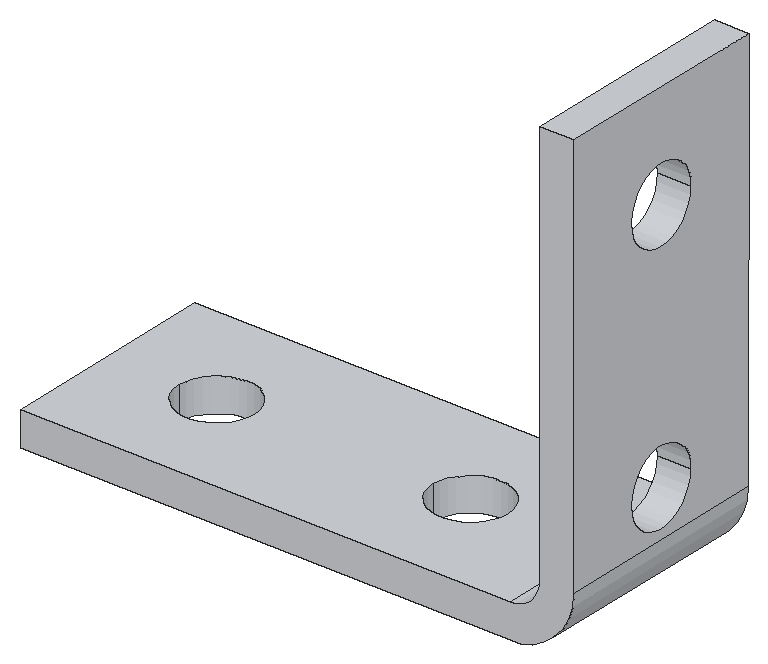
Revit family "Fitting-Ninety_Degree_Angle-Unistrut-P1325", category Specialty Equipment, Revit 2012
Parameters
  ecoScorecard_data = "http://products.ecoscorecard.com/atkore/P1325"
  ecoScorecard Product Page = "http://products.ecoscorecard.com/atkore/P1325?action=html"
  Weight Per Piece = 0.78 lbf
  Unit = none
  Unistrut Part Number = "P1325"  # constant formula
  URL = "http://unistrut.us/index.php"
  Thickness = 0' - 0 1/4"
  Subcategory = "Nintey Degree Angle Fittings"
  Product Page URL = "http://unistrut.us/index.php?WP=cat_detail&S=S05&P=P1325"
  Power Strut Part Number = "PS 607"  # constant formula
  Part Type = "Fitting"  # constant formula
  Overall Width = 0' - 1 5/8"
  Overall Length = 0' - 3 1/2"
  Overall Height = 0' - 4 1/8"
  Model = "P1325"
  Material = ""
  Manufacturer Phone - Toll Free = "800-882-5543"  # constant formula
  Manufacturer Phone = "708-339-1610"  # constant formula
  Manufacturer Fax = "708-339-7814"  # constant formula
  Manufacturer Email = "mailto:jshaw@atkore.com"
  Manufacturer Address = "16100 South Lathrop Avenue, Harvey, IL 60426"  # constant formula
  Manufacturer = "Unistrut by Atkore International"  # constant formula
  Load Capacity Note = "Visit the product page for load application and capacity."  # constant formula
  Literature URL = "http://unistrut.us/index.php?WP=LItLibrary"
  Hole Radius = 0' 0 9/16" / 2  # 0' - 0 9/32"
  Hole Diameter = 0' - 0 9/16"
  Default Elevation = 4' - 0"
  Cost Info = "mailto:jshaw@atkore.com"
  Category = "Specialty Equipment"  # constant formula
  CAD URL = "http://unistrut.us/index.php?WP=CAD3d"
  Assembly Code = "D5020100"
  95 CSI = "16070"  # constant formula
  04 CSI = "26 05 48"  # constant formula
Reference planes (in)
  plane 1 "Center (Front/Back)": y = 0
  plane 2: z = 0
  plane 3 "Center (Left/Right)": x = 0
  plane 4: x = -1.02553
  plane 5: x = 0.86538
  plane 6: z = 2.71301
  plane 7: z = 0.82705
Dimensions and locks (in)
  "Overall Length": nested 1 to plane 2
  "Overall Height": nested 1 to nested 1
  "Thickness": nested 1 to nested 1  (x2)
  "Overall Width": nested 1 to nested 1
  aligned and locked: level to plane 2
Nested families (in)
  nested 1: "Fitting" at (0, 0, 0), type "Fitting"
Definition of nested family "Fitting"
  Parameters (values of type "Fitting")
    ecoScorecard_data = "http://products.ecoscorecard.com/atkore/P2094"
    ecoScorecard Product Page = "http://products.ecoscorecard.com/atkore/P2094?action=html"
    Unit = none
    URL = "http://unistrut.us/index.php"
    Thickness = 0' - 0 1/4"
    Overall Width = 0' - 1 5/8"
    Overall Length = 0' - 3 1/2"
    Overall Height = 0' - 4 1/8"
    Model = "P2270"
    Material = ""
    Manufacturer = "Atkore International"  # constant formula
    Load Capacity Note = "Visit the product page for load application and capacity."  # constant formula
    Literature URL = "http://unistrut.us/index.php?WP=LItLibrary"
    Hole Radius = Hole Diameter / 2  # 0' - 0 9/32"
    Hole Diameter = 0' - 0 9/16"
    Default Elevation = 4' - 0"
    CAD URL = "http://unistrut.us/index.php?WP=CAD3d"
    Assembly Code = "D5020100"
    Angle = 85.50°
  Reference planes (in)
    plane 1 "Center (Front/Back)": y = 0
    plane 2: z = 0
    plane 3 "Center (Left/Right)": x = 0
    plane 4: z = 3.5
    plane 5: x = -1.84154
    plane 6: x = 2.28346
    plane 7: y = 0.8125
    plane 8: y = -0.8125
  Forms (in)
    Extrusion 1, solid
      sketch origin (0, 0, 0) x (1, 0, 0) y (0, 0, 1)
        loop
          line (-1.84154, 0) -> (1.88704, 0)
          arc (1.88704, 0) -> (2.16932, 0.16568) -> (2.28346, 0.47244) r 0.48809
          line (2.28346, 0.47244) -> (2.28346, 3.5) -> (2.03346, 3.5) -> (2.03346, 0.47868)
          arc (2.03346, 0.47868) -> (1.96648, 0.31698) -> (1.80478, 0.25) r 0.22868
          line (1.80478, 0.25) -> (-1.84154, 0.25) -> (-1.84154, 0)
      from -0.8125 to 0.8125
    Extrusion 2, void
      sketch origin (0, 0, 0) x (1, 0, 0) y (0, 1, 0)
        loop
          circle (-1.02553, 0) r 0.28125
        loop
          circle (0.86538, 0) r 0.28125
      from 0 to 0.25
    Extrusion 3, void
      sketch origin (0, 0, 0) x (0, 1, 0) y (0, 0, 1)
        loop
          circle (0, 2.71301) r 0.28125
        loop
          circle (0, 0.82705) r 0.28125
      from 2.03346 to 2.28346
  Cuts and joins
    Extrusion 2, Extrusion 3 cuts Extrusion 1
  Dimensions and locks (in)
    "Overall Length": plane 4 to level
    "Thickness": Extrusion 1 sketch curve to Extrusion 1 sketch curve  (x2)
    cut or joined group of Extrusion 1, Extrusion 2, Extrusion 3 to cut or joined group of Extrusion 1, Extrusion 2, Extrusion 3 = 0' - 4 1/8"
    "Overall Height": plane 5 to plane 6
    equal spacing: plane 8, plane 1 "Center (Front/Back)", plane 7
    "Overall Width": plane 7 to plane 8
    "Hole Radius": radius of Extrusion 3 sketch curve  (x2)
    "Hole Radius": radius of Extrusion 2 sketch curve  (x2)
    aligned and locked: level to plane 2
    aligned and locked: Extrusion 2 to level
    aligned and locked: Extrusion 1 to Extrusion 2
    aligned and locked: Extrusion 1 to Extrusion 3  (x2)
    aligned and locked: plane 7 to cut or joined group of Extrusion 1, Extrusion 2, Extrusion 3
    aligned and locked: plane 8 to cut or joined group of Extrusion 1, Extrusion 2, Extrusion 3
  Automatic sketch dimensions
    plane 5 to Extrusion 1 sketch curve = 0' - 0"
    Extrusion 1 sketch curve to level = 0' - 0"
    Extrusion 1 sketch curve to plane 4 = 0' - 0"
    level to Extrusion 1 sketch curve = 0' - 0.47941"
    plane 3 "Center (Left/Right)" to Extrusion 1 sketch curve = 0' - 1.79543"
    Extrusion 1 sketch curve to Extrusion 1 sketch curve = 0' - 0.00935"
    Extrusion 1 sketch curve to Extrusion 1 sketch curve = 0' - 0.08226"
    Extrusion 1 sketch curve to Extrusion 1 sketch curve = 0' - 0.22868"
    plane 1 "Center (Front/Back)" to Extrusion 2 sketch curve = 0' - 0"  (x2)
    Extrusion 2 sketch curve to plane 5 = 0' - 0.816"
    plane 3 "Center (Left/Right)" to Extrusion 2 sketch curve = 0' - 0.86538"
    Extrusion 3 sketch curve to plane 1 "Center (Front/Back)" = 0' - 0"  (x2)
    level to Extrusion 3 sketch curve = 0' - 0.82705"
    Extrusion 3 sketch curve to plane 4 = 0' - 0.78699"
